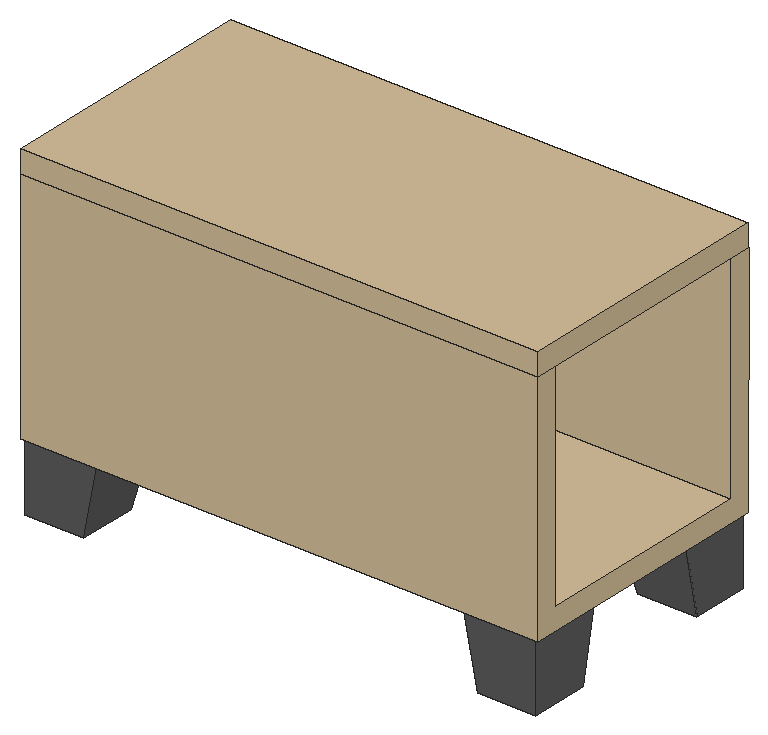
Revit family
Parameters (values of type "End - LPL")
  Width = 13.50"
  Table [instance] = none
  URL = "http://www.turnstonefurniture.com/index.aspx"
  Symbol Name = "TS314E"
  Style Number(s) = "TS31415L"
  Release Date = "January 2012"  # constant formula
  Product Line = "Turnstone Furniture"  # constant formula
  Product = "Jenny Lounge"  # constant formula
  Opaque [instance] = yes
  Manufacturer = "Steelcase"  # constant formula
  Leg [instance] = none
  Draw in Foreground [instance] = yes
  Description = ""
  Copyright = "© 2010 Steelcase Inc."  # constant formula
  AutoCAD Tag = "13/26"
  Authoring Version = "Revit Architecture 2009"  # constant formula
  Assembly Code = "E2020200"
Types (2): name | Width | Symbol Name | Style Number(s) | AutoCAD Tag
  End - LPL | 13.50" | "TS314E" | "TS31415L" | "13/26"
  Coffee - LPL | 26.50" | "TS314C" | "TS31416L" | "26/26"
Reference planes (in)
  plane 1 "Back": y = 0
  plane 2 "Bottom": z = 0
  plane 3 "Left": x = 0
  plane 4 "Right": x = 26.5
  plane 5 "Front": y = -13.5
  plane 6: z = 3.77022
  plane 7: z = 4.88522
  plane 8: z = 15.92857
  plane 9: y = -1.125
  plane 10: y = -12.375
Forms (in)
  Extrusion 1, solid, material <- "Table"
    sketch origin (0, 0, 0) x (1, 0, 0) y (0, 1, 0)
      loop
        line (0, 0) -> (0, -13.5) -> (26.5, -13.5) -> (26.5, 0) -> (0, 0)
    from 15.92857 to 17.05357
  Extrusion 2, solid, material <- "Table"
    sketch origin (0, 0, 0) x (0, 1, 0) y (0, 0, 1)
      loop
        line (0, 15.92857) -> (-1.125, 15.92857) -> (-1.125, 4.88522) -> (-12.375, 4.88522) -> (-12.375, 15.92857) -> (-13.5, 15.92857) -> (-13.5, 3.77022) -> (0, 3.77022) -> (0, 15.92857)
    from 0 to 26.5
  Blend 3, solid, material <- "Leg"
    base sketch origin (0, 0, 0) x (1, 0, 0) y (0, 1, 0)
      loop
        line (22.65911, -3.79657) -> (26.3371, -3.79657) -> (26.3371, -0.11857) -> (22.65911, -0.11857) -> (22.65911, -3.79657)
    top sketch origin (0, 0, 0) x (1, 0, 0) y (0, 1, 0)
      loop
        line (23.3371, -3.11857) -> (26.3371, -3.11857) -> (26.3371, -0.11857) -> (23.3371, -0.11857) -> (23.3371, -3.11857)
    from 3.76159 to 0.27054
  Blend 4, solid, material <- "Leg"
    base sketch origin (0, -25.76043, 0) x (1, 0, 0) y (0, 1, 0)
      loop
        line (22.65911, 16.04657) -> (22.65911, 12.36857) -> (26.3371, 12.36857) -> (26.3371, 16.04657) -> (22.65911, 16.04657)
    top sketch origin (0, -25.76043, 0) x (1, 0, 0) y (0, 1, 0)
      loop
        line (23.3371, 15.36857) -> (23.3371, 12.36857) -> (26.3371, 12.36857) -> (26.3371, 15.36857) -> (23.3371, 15.36857)
    from 3.76159 to 0.27054
  Blend 5, solid, material <- "Leg"
    base sketch origin (25.5, 0, 0) x (-1, 0, 0) y (0, -1, 0)
      loop
        line (21.65911, 3.79657) -> (21.65911, 0.11857) -> (25.3371, 0.11857) -> (25.3371, 3.79657) -> (21.65911, 3.79657)
    top sketch origin (25.5, 0, 0) x (-1, 0, 0) y (0, -1, 0)
      loop
        line (22.3371, 3.11857) -> (22.3371, 0.11857) -> (25.3371, 0.11857) -> (25.3371, 3.11857) -> (22.3371, 3.11857)
    from 3.76159 to 0.27054
  Blend 6, solid, material <- "Leg"
    base sketch origin (25.5, -25.76043, 0) x (-1, 0, 0) y (0, -1, 0)
      loop
        line (21.65911, -16.04657) -> (25.3371, -16.04657) -> (25.3371, -12.36857) -> (21.65911, -12.36857) -> (21.65911, -16.04657)
    top sketch origin (25.5, -25.76043, 0) x (-1, 0, 0) y (0, -1, 0)
      loop
        line (22.3371, -15.36857) -> (25.3371, -15.36857) -> (25.3371, -12.36857) -> (22.3371, -12.36857) -> (22.3371, -15.36857)
    from 3.76159 to 0.27054
  Extrusion 7, solid
    sketch origin (0, 0, 0) x (1, 0, 0) y (0, 1, 0)
      loop
        circle (24.80893, -11.87021) r 0.57127
      loop
        circle (1.6629, -11.89185) r 0.57128
      loop
        circle (24.85326, -1.61101) r 0.56119
      loop
        circle (1.70723, -1.58936) r 0.57128
    from 0 to 0.27054
Lines and regions (in)
  Masking region 1, built-in parameter 1006206 <- "Draw in Foreground", visible <- "Opaque"
    outline origin (0, 0, 0) x (1, 0, 0) y (0, 1, 0)
      loop
        line (0, 0) -> (0, -13.5) -> (26.5, -13.5) -> (26.5, 0) -> (0, 0)
  symbolic lines, style "Steelcase Turnstone - Jenny - Occasional Table - Line", built-in parameter 1006206 <- "Draw in Foreground"
    curve 1: line (0, 0, 0) -> (26.5, 0, 0)
    curve 2: line (0, -13.5, 0) -> (0, 0, 0)
    curve 3: line (26.5, -13.5, 0) -> (0, -13.5, 0)
    curve 4: line (26.5, 0, 0) -> (26.5, -13.5, 0)
  symbolic lines, style "Steelcase Turnstone - Jenny - Occasional Table - Hidden Line", built-in parameter 1006206 <- "Draw in Foreground", detail levels medium+fine
    curve 5: line (0, -9.9348, 0) -> (3.62, -9.9348, 0)
    curve 6: line (3.62, -9.9348, 0) -> (3.62, -13.5548, 0)
    curve 7: line (0, -3.5652, 0) -> (3.62, -3.5652, 0)
    curve 8: line (3.62, -3.5652, 0) -> (3.62, 0.0548, 0)
    curve 9: line (26.5, -3.5652, 0) -> (22.88, -3.5652, 0)
    curve 10: line (22.88, -3.5652, 0) -> (22.88, 0.0548, 0)
    curve 11: line (26.5, -9.93481, 0) -> (22.88, -9.93481, 0)
    curve 12: line (22.88, -9.93481, 0) -> (22.88, -13.55481, 0)
Dimensions and locks (in)
  plane 3 "Left" to plane 4 "Right" = 26.50"
  "Width": plane 1 "Back" to plane 5 "Front"
  locked: plane 1 "Back" to plane 9 at 1.125
  locked: plane 10 to plane 5 "Front" at 1.125
  locked: plane 7 to plane 6 at 1.11499
  locked: plane 8 to plane 7 at 11.04335
  aligned and locked: level to plane 2 "Bottom"
  aligned and locked: plane 1 "Back" to Extrusion 1 sketch curve
  aligned and locked: plane 5 "Front" to Extrusion 1 sketch curve
  aligned and locked: plane 3 "Left" to Extrusion 1 sketch curve
  aligned and locked: plane 4 "Right" to Extrusion 1 sketch curve
  aligned and locked: Extrusion 2 sketch curve to plane 5 "Front"
  aligned and locked: plane 10 to Extrusion 2 sketch curve
  aligned and locked: Extrusion 2 sketch curve to plane 9
  aligned and locked: Extrusion 2 sketch curve to plane 1 "Back"
  aligned and locked: Extrusion 2 sketch curve to plane 6
  aligned and locked: plane 7 to Extrusion 2 sketch curve
  aligned and locked: Extrusion 2 sketch curve to plane 8  (x2)
  aligned and locked: Extrusion 2 to plane 4 "Right"
  aligned and locked: Extrusion 2 to plane 3 "Left"
  aligned and locked: plane 3 "Left" to Masking region 1 sketch curve
  aligned and locked: plane 1 "Back" to Masking region 1 sketch curve
  aligned and locked: Extrusion 1 to Masking region 1 sketch curve
  aligned and locked: Masking region 1 sketch curve to Extrusion 1
  aligned and locked: curve 1 to Extrusion 1  (x2)
  aligned and locked: Extrusion 1 to curve 4
  aligned and locked: curve 4 to Extrusion 1
Automatic sketch dimensions
  curve 8 to plane 1 "Back" = 0.0548"
  plane 3 "Left" to curve 8 = 3.62"
  curve 6 to plane 5 "Front" = 0.0548"
  plane 3 "Left" to curve 6 = 3.62"
  curve 12 to curve 11 = 3.62"
  curve 10 to plane 1 "Back" = 0.0548"
  plane 4 "Right" to curve 10 = 3.62"
  curve 12 to plane 5 "Front" = 0.05481"
  plane 10 to curve 11 = 2.4402"
  plane 10 to curve 6 = 2.4402"
  curve 7 to plane 9 = 2.4402"
  curve 10 to plane 9 = 2.4402"
  plane 1 "Back" to Blend 3 sketch curve = 0.11857"  (x2)
  plane 4 "Right" to Blend 3 sketch curve = 3.84089"
  plane 4 "Right" to Blend 3 sketch curve = 0.1629"  (x2)
  Blend 3 sketch curve to plane 9 = 2.67157"
  plane 4 "Right" to Blend 3 sketch curve = 3.1629"
  Blend 3 sketch curve to plane 9 = 1.99357"
  Blend 4 sketch curve to plane 5 "Front" = 0.10815"  (x2)
  Blend 4 sketch curve to plane 4 "Right" = 3.84089"
  Blend 4 sketch curve to plane 4 "Right" = 0.1629"  (x2)
  Blend 4 sketch curve to plane 10 = 2.66114"
  Blend 4 sketch curve to plane 4 "Right" = 3.1629"
  Blend 4 sketch curve to plane 10 = 1.98315"
  Blend 5 sketch curve to plane 1 "Back" = 0.11857"  (x2)
  Blend 5 sketch curve to plane 3 "Left" = 3.84089"
  Blend 5 sketch curve to plane 3 "Left" = 0.1629"  (x2)
  plane 9 to Blend 5 sketch curve = 2.67157"
  Blend 5 sketch curve to plane 3 "Left" = 3.1629"
  plane 9 to Blend 5 sketch curve = 1.99357"
  plane 5 "Front" to Blend 6 sketch curve = 0.10815"  (x2)
  plane 3 "Left" to Blend 6 sketch curve = 3.84089"
  plane 3 "Left" to Blend 6 sketch curve = 0.1629"  (x2)
  plane 10 to Blend 6 sketch curve = 2.66114"
  plane 3 "Left" to Blend 6 sketch curve = 3.1629"
  plane 10 to Blend 6 sketch curve = 1.98315"
  plane 10 to Extrusion 7 sketch curve = 0.48315"
  plane 3 "Left" to Extrusion 7 sketch curve = 1.6629"
  Extrusion 7 sketch curve to plane 9 = 0.46436"
  plane 3 "Left" to Extrusion 7 sketch curve = 1.70723"
  plane 10 to Extrusion 7 sketch curve = 0.50479"
  plane 4 "Right" to Extrusion 7 sketch curve = 1.69107"
  Extrusion 7 sketch curve to plane 9 = 0.48601"
  plane 4 "Right" to Extrusion 7 sketch curve = 1.64674"
  radius of Extrusion 7 sketch curve = 0.57127"
  radius of Extrusion 7 sketch curve = 0.57128"  (x2)
  radius of Extrusion 7 sketch curve = 0.56119"
